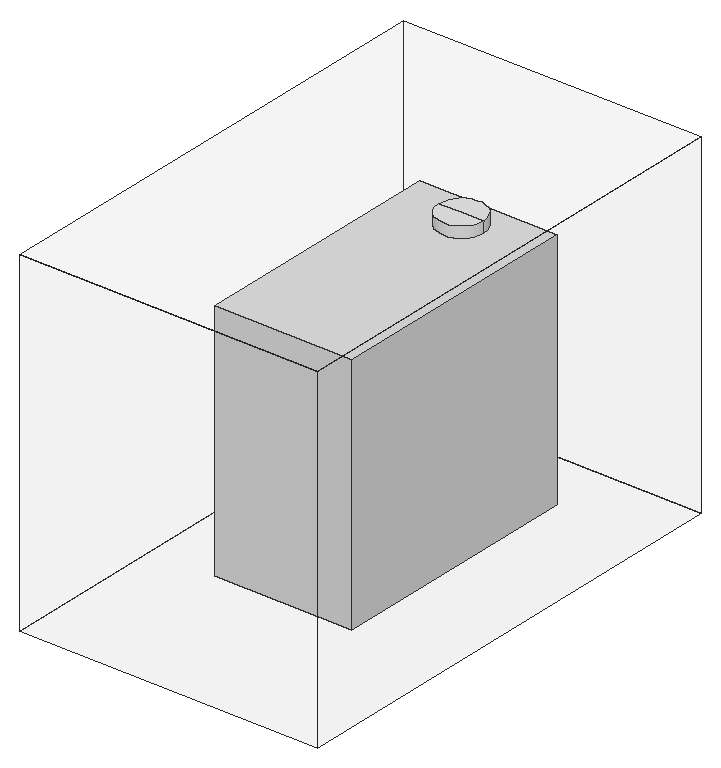
Revit family "1354887957SUPAflo_SF65_LOD200", category Mechanical Equipment, Revit 2014
Parameters (values of type "SF65")
  Weekly = ""
  Water Treatment Required = yes
  Water Content = 68.00 L  # constant formula
  Warranty ID = ""
  WRAS Approval = "1011037"  # constant formula
  Voltage = 230 V  # constant formula
  URL = "http://www.andrewswaterheaters.co.uk/index.htm"
  Type = "Direct Gas Fired Instaneous Water Heater"  # constant formula
  Text Material = Paint - Black
  Supply Phase = "Single Phase"  # constant formula
  Starting Current = 1.75 A  # constant formula
  Standing Loss W = "0.15"  # constant formula
  Sound Pressure Level dBA = "59"  # constant formula
  Siphon Bush Pipe Diameter = 19.000 mm
  Shipping Weight = 560.00 kg  # constant formula
  Shape = "Rectangular (Horizontal)"  # constant formula
  Secondary Return Connection Type = "Other"  # constant formula
  Secondary Return Connection Size = 0.000 mm  # constant formula
  Safety Valve Connection Type = "Other"  # constant formula
  Safety Valve Connection Size = 0.000 mm  # constant formula
  Responsible Sourcing of Materials = ""
  Responsible Extraction Of Material = ""
  Reference Standard = "BSE 26"  # constant formula
  Recovery Rate litre/min = "108"  # constant formula
  Rated Output kW = "61"
  Rated Criteria = "80/60"  # constant formula
  Quarterly = ""
  Product Range = "SUPAflo Range"  # constant formula
  Product Model Number = "1109044"
  Product Literature = "http://www.andrewswaterheaters.co.uk/downloads/Product_range_guide.pdf"
  Overall Width [instance] = 770.000 mm  # constant formula
  Overall Length [instance] = 1435.000 mm  # constant formula
  Overall Height [instance] = 1440.000 mm  # constant formula
  Oil Consumption Rate l/h = ""
  O&M Manual = "http://www.andrewswaterheaters.co.uk/literature-library/current-products.htm"
  Nominal Oil Inlet Pressure mbar = "0"  # constant formula
  Nominal Gas Inlet Pressure = "21 mbar"  # constant formula
  NOx Emissions mg = 35 kWh  # constant formula
  Mounting = "Floor Standing"  # constant formula
  Monthly = ""
  Model = "SF65"
  Minimum Power Consumption = 380 W  # constant formula
  Minimum Oil Inlet Pressure mbar = "0"  # constant formula
  Minimum Gas Inlet Pressure mbar = "18"  # constant formula
  Min Operating Pressure = 1.00 bar  # constant formula
  Maximum Water Temperature = 75 °C  # constant formula
  Maximum Power Consumption = 35 W  # constant formula
  Maximum Oil Inlet Pressure mbar = "0"  # constant formula
  Maximum Gas Inlet Pressure mbar = "50"  # constant formula
  Max Operating Pressure When Unvented = 3.50 bar  # constant formula
  Max Operating Pressure When Open Vented = 6.00 bar  # constant formula
  Material Ingredient Reporting = ""
  Manufacturer = "Andrews Water Heaters"  # constant formula
  Maintenance Required 8001-12000hrs = ""
  Maintenance Required 601-1000hrs = ""
  Maintenance Required 40001-8000hrs = ""
  Maintenance Required 301-600hrs = ""
  Maintenance Required 2001-4000hrs = ""
  Maintenance Required 1001-2000hrs = ""
  Maintenance Required 0-300hrs = ""
  Location of Manufacturer-GridRef = ""
  Life Cycle Analysis = ""
  Interlocks = yes
  Insulation Type = "Integral Thermal Insulation"  # constant formula
  Insulation Thickness = 0.000 mm  # constant formula
  Instrument Box Panel = Metal - Polished Silver
  IP Rating = "20"  # constant formula
  IK Rating = "1.75"  # constant formula
  Heating Circuit Flow Diameter = 32.000 mm
  Heater Operation = "Fully Condensing"  # constant formula
  Heat Up Time mins = "1"  # constant formula
  Heat Generator Thermal Efficiency = 1.06  # 106%
  Heat Generator Load Profile = ""
  Heat Generator Efficiency = "98%"  # constant formula
  Heat Exchanger Material = Stainless Steel
  Gross Weight = 535.00 kg  # constant formula
  Gross Input = "388 kW"  # constant formula
  Green Guide for Specification = ""
  Gas Consumption rate = 35.6 m³/h  # constant formula
  Gas Connection Pipe Diameter = 19.000 mm
  Fuse Rating = 200 A  # constant formula
  Full Load Current = 10 A  # constant formula
  Fuel Type = "Gas - NG"  # constant formula
  Fuel Connection Size = 38.100 mm  # constant formula
  Frequency = 50 Hz  # constant formula
  Flue or Air Intake Classification = "B23, C33, C43, C53, C63 & C83"  # constant formula
  Flue Connection Type = "Socket"  # constant formula
  Flue Connection Standard = "250 mm"  # constant formula
  Flow and Return Connection Type = "Threaded"  # constant formula
  Flow and Return Connection Size Note = "DN65 - PN16"  # constant formula
  Flow and Return Connection Size = 50.800 mm  # constant formula
  Finish = "Powder Coated Steel"  # constant formula
  Features = "Premix Forced Draught Condensing Water Heater"  # constant formula
  External Material = Steel
  Expected Life = ""
  ErP Energy Label ERP = ""
  Environmental Product Declaration = ""
  Energy Technology List ETL = ""
  Embodied Carbon kgCO2e = ""
  Drain Connection Type = "Other"  # constant formula
  Drain Connection Size = 0.000 mm  # constant formula
  Description = "Condensing Boiler"  # constant formula
  Default Elevation = 0.000 mm  # constant formula
  Daily = ""
  Control Type = "Internal"  # constant formula
  Control ThermostatRange = 40 °C
  Control Thermostat Range Note = "40°C - 75°C"  # constant formula
  Control Options = "Modulating"  # constant formula
  Continuous Output at 50 Degree Differential l/h = "6510"
  Continuous Output at 44 Degree Differential l/h = "7400"
  Configuration = "Single Boiler"  # constant formula
  Condensate Drain Type = "Plain"  # constant formula
  Condensate Drain Size = 22.000 mm  # constant formula
  Colour = "Blue (RAL 5011) & White (RAL 9016)"  # constant formula
  Clearence Box = Glass - Clear - Amber
  Clearance Box Visibility [instance] = yes
  Clean Out and Inspection Opening Type = "Other"  # constant formula
  Clean Out Cover and Inspection Opening Size = ""
  CE Approval = "Yes - 0063BS3840"  # constant formula
  Burner Control Type = "Modulating"  # constant formula
  Bespoke Timeframe = ""
  BMS Links = yes
  Assembly Code = "D3020100"
  Annually = "As per attached URL O & M Manual"  # constant formula
  Air Supply = yes
  Air Intake Connector = "Air Intake Connection"  # constant formula
  Air Inlet Connection Size = 200.000 mm  # constant formula
  Access Clearance Top = 450.000 mm  # constant formula
  Access Clearance Right = 450.000 mm  # constant formula
  Access Clearance Rear = 450.000 mm  # constant formula
  Access Clearance Left = 450.000 mm  # constant formula
  Access Clearance Front = 800.000 mm  # constant formula
  Access Clearance Bottom = 0.000 mm  # constant formula
  6 Monthly = ""
Reference planes
  plane 1 "Center (Front/Back)": y = 0
  plane 2: z = 0
  plane 3 "Center (Left/Right)": x = 0
  plane 4: z = 0
  plane 5: x = -385
  plane 6: x = 385
  plane 7: y = 717.5
  plane 8: y = -717.5
  plane 9: z = 1440
  plane 10: z = 720
  plane 11: z = 1890
  plane 12: z = 0
  plane 13: x = -835
  plane 14: x = 835
  plane 15: y = 1167.5
  plane 16: y = -1517.5
Forms (mm)
  Sweep 1, solid, material "Glass - Clear - Amber" <- "Clearence Box", visible <- "Clearance Box Visibility"
    path origin (-479.663, 637.513, 1117.176) x (1, 0, 0) y (0, 0, 1)
      loop
        line (479.663, 772.824) -> (479.663, -1117.176)
    profile origin (0, 637.513, 945) x (0, -1, 0) y (1, 0, 0)
      loop
        line (-529.987, -835) -> (2155.013, -835) -> (2155.013, 835) -> (-529.987, 835) -> (-529.987, -835)
Dimensions and locks
  equal spacing: plane 7, plane 1 "Center (Front/Back)", plane 8
  "Overall Length": plane 7 to plane 8
  equal spacing: plane 5, plane 3 "Center (Left/Right)", plane 6
  "Overall Width": plane 5 to plane 6
  "Overall Height": plane 9 to level
  equal spacing: plane 9, plane 10, level
  "Access Clearance Top": plane 11 to plane 9
  "Access Clearance Bottom": level to plane 12
  "Access Clearance Left": plane 5 to plane 13
  "Access Clearance Right": plane 6 to plane 14
  "Access Clearance Front": plane 16 to plane 8
  "Access Clearance Rear": plane 15 to plane 7
  aligned and locked: level to plane 2
  aligned and locked: plane 11 to Sweep 1 sketch curve
  aligned and locked: plane 12 to Sweep 1 sketch curve
  aligned and locked: Sweep 1 sketch curve to plane 3 "Center (Left/Right)"
  aligned and locked: Sweep 1 sketch curve to plane 13
  aligned and locked: Sweep 1 sketch curve to plane 16
  aligned and locked: plane 14 to Sweep 1 sketch curve
  aligned and locked: nested 1 to plane 7
  aligned and locked: plane 3 "Center (Left/Right)" to nested 1
  aligned and locked: Sweep 1 sketch curve to plane 15
Nested families
  nested 1: "1354887991SUPAflo_SF65_LOD200" at (0, 717.5, 0), type "1354887991SUPAflo_SF65_LOD200"
Connectors
  electrical at (212, 719.5, 1410), driven by "Voltage", driven by "Maximum Power Consumption"
    settings: on nested 1, index 1, voltage 230 V, apparent load 35 VA, apparent load phase1 0 VA, apparent load phase2 0 VA, apparent load phase3 0 VA, power factor 1, load classification "Power", number of poles 1, system type 30, power factor state 1, is connector primary yes, connector utility yes, sub classification motor no, connector description "Electrical Connection"
  piping at (-0.024, 530, 1499.95), diameter 250
    settings: on nested 1, index 2, connector inside diameter 609.600 mm, connector length 0.000 mm, flow factor 0, pipe flow 0 GPM, pressure drop 0.00 bar, fitting loss kfactor 0, connector angle 0.00°, fixture units 0, engagement length 0.000 mm, angle of deflection 0.00°, flow configuration 0, flow direction 2, fitting loss method 0, system type 7, joint type 0, gender type 0, connector reference index -1, connector utility 1, adjustable connector no, is connector primary yes, connector description "Flue Gas Outlet"
  piping at (-260, 788, 1200), diameter 200
    settings: on nested 1, index 3, connector inside diameter 609.600 mm, connector length 0.000 mm, flow factor 0, pipe flow 0 GPM, pressure drop 0.00 bar, fitting loss kfactor 0, connector angle 0.00°, fixture units 0, engagement length 0.000 mm, angle of deflection 0.00°, flow configuration 0, flow direction 1, fitting loss method 0, system type 7, joint type 0, gender type 0, connector reference index -1, connector utility 1, adjustable connector no, is connector primary no, connector description "Air Intake"
  piping at (309.671, 769, 1172.5), diameter 19.05
    settings: on nested 1, index 4, connector inside diameter 609.600 mm, connector length 0.000 mm, flow factor 0, pipe flow 0 GPM, pressure drop 0.00 bar, fitting loss kfactor 0, connector angle 0.00°, fixture units 0, engagement length 0.000 mm, angle of deflection 0.00°, flow configuration 0, flow direction 1, fitting loss method 0, system type 7, joint type 0, gender type 0, connector reference index -1, connector utility 1, adjustable connector no, is connector primary no, connector description "Gas Supply"
  piping at (245, 832.5, 903), diameter 50.8
    settings: on nested 1, index 5, connector inside diameter 609.600 mm, connector length 0.000 mm, flow factor 0, pipe flow 0 GPM, pressure drop 0.00 bar, fitting loss kfactor 0, connector angle 0.00°, fixture units 0, engagement length 0.000 mm, angle of deflection 0.00°, flow configuration 0, flow direction 1, fitting loss method 0, system type 7, joint type 0, gender type 0, connector reference index -1, connector utility 1, adjustable connector no, is connector primary no, connector description "Water Supply"
  piping at (245, 832.5, 490.041), diameter 50.8
    settings: on nested 1, index 6, connector inside diameter 609.600 mm, connector length 0.000 mm, flow factor 0, pipe flow 0 GPM, pressure drop 0.00 bar, fitting loss kfactor 0, connector angle 0.00°, fixture units 0, engagement length 0.000 mm, angle of deflection 0.00°, flow configuration 0, flow direction 2, fitting loss method 0, system type 8, joint type 0, gender type 0, connector reference index -1, connector utility 1, adjustable connector no, is connector primary no, connector description "Water Return"
Definition of nested family "1354887991SUPAflo_SF65_LOD200"
  Parameters (values of type "1354887991SUPAflo_SF65_LOD200")
    Weight (Full) (kg) = 603
    URL = "http://www.andrewswaterheaters.co.uk/products_details.php?product=supaflo"
    Power Consumption (W) = 470
    Model = "SUPAflo SF65"
    Manufacturer = "Andrews Water Heaters"
    Hot Water Recovery (Thru 50ºC) (Litres/Hour) = 6510
    Efficiency (Gross) (%) = 93.6
    Description = "Condensing Water Heater"
  Reference planes
    plane 1 "Center (Front/Back)": y = 0
    plane 2: z = 0
    plane 3 "Center (Left/Right)": x = 0
    plane 4: y = 0
    plane 5: y = -1435
  Forms (mm)
    Revolve 1, solid, material "Andrews SUPAflo - Steel"
      sketch origin (-0.024, -187.5, 2.7) x (1, 0, 0) y (0, 0, 1)
        loop
          line (0, 1497.25) -> (-125, 1497.25) -> (-125, 1437.3) -> (0, 1437.3) -> (0, 1497.25)
        axis (0, 1497.25) -> (0, 1437.3)
      angle from 0 to 360
    Extrusion 2, solid, material "Andrews SUPAflo - Body"
      sketch origin (0, -330, 0) x (1, 0, 0) y (0, 1, 0)
        loop
          line (385, 330) -> (-385, 330) -> (-385, -1105) -> (385, -1105) -> (385, 330)
      from 85 to 1440
    Revolve 3, solid, material "Andrews SUPAflo - Steel"
      sketch origin (50.743, 0, 1172.5) x (1, 0, 0) y (0, 1, 0)
        loop
          line (258.927, 51.5) -> (258.927, 0) -> (278.927, 0) -> (278.927, 51.5) -> (258.927, 51.5)
        axis (258.927, 51.5) -> (258.927, 0)
      angle from 0 to 360
    Revolve 4, solid, material "Andrews SUPAflo - Steel"
      sketch origin (-105.002, -21, 610.9) x (1, 0, 0) y (0, 1, 0)
        loop
          line (-97.498, 21) -> (-97.498, 136) -> (-129.998, 136) -> (-129.998, 83) -> (-129.998, 21) -> (-97.498, 21)
        axis (-129.998, 136) -> (-129.998, 21)
      angle from 0 to 360
    Revolve 5, solid, material "Andrews SUPAflo - Steel"
      sketch origin (245, -4, 2) x (0, 1, 0) y (0, 0, 1)
        loop
          line (4, 933.5) -> (4, 901) -> (119, 901) -> (119, 933.5) -> (4, 933.5)
        axis (119, 901) -> (4, 901)
      angle from 0 to 360
    Revolve 6, solid, material "Andrews SUPAflo - Steel"
      sketch origin (245, -4, -410.959) x (0, 1, 0) y (0, 0, 1)
        loop
          line (4, 933.5) -> (4, 901) -> (119, 901) -> (119, 933.5) -> (4, 933.5)
        axis (119, 901) -> (4, 901)
      angle from 0 to 360
    Revolve 7, solid, material "Andrews SUPAflo - Steel"
      sketch origin (-36.502, 0, 1200) x (1, 0, 0) y (0, 1, 0)
        loop
          line (-223.498, 0) -> (-123.498, 0) -> (-123.498, 70.5) -> (-223.498, 70.5) -> (-223.498, 0)
        axis (-223.498, 70.5) -> (-223.498, 0)
      angle from 0 to 360
  Dimensions and locks
    aligned and locked: level to plane 2
